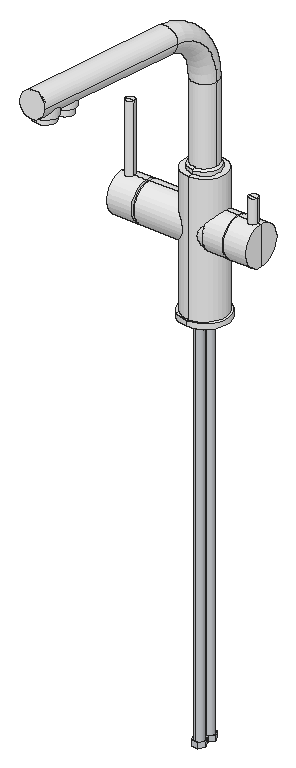
Revit family "SinkMixer-Countertop-SplitDualFlow-Vitra-MasterlineSeries-A42144", category Plumbing Fixtures, host Face, Revit 2017
Family settings
  Host = Face
  Round Connector Dimension = Use Diameter
  Part Type = Normal
  OmniClass Number = 23.45.55.17
  OmniClass Title = Mixing Faucets
  Cut with Voids When Loaded = No
  Shared = Yes
  Room Calculation Point = No
Parameters (values of type "SinkMixer-Countertop-SplitDualFlow-Vitra-MasterlineSeries-A42144")
  Youtube = "https://www.youtube.com/user/VitrAglobal"
  Weight Net (kg) = "2.95"
  Waste Connection = no
  Warranty Period (Year) = "10 Years"
  Vent Connection = no
  Uniformat II Description = "Plumbing Fixture"
  Uniformat II Code = "22 40 00"
  Uniclass 2015 Name = "Sink taps"
  Uniclass 2015 Code = "Pr_40_20_87_84"
  Uniclass 2.0 Description = "Kitchen Taps"
  Uniclass 2.0 Code = "Pr_40_30_96_47"
  Uniclass 1.4 Description = "Sink Mixer"
  Uniclass 1.4 Code = "L725111"
  URL = "https://vitraglobal.com/"
  UNSPSC Description = ""
  UNSPSC Code = ""
  Test Pressure = "16 bar"
  Technical description = "https://www.vitra.com.tr/pdf/A42144/"
  Tap hole Options (default) = ""
  Specification = ""
  Region South America = "All"
  Region Oceania = "All"
  Region North America = "All"
  Region Middle East = "All"
  Region Europe = "All"
  Region Asia = "All"
  Region Antarctica = "All"
  Region Africa = "All"
  Range of flow pressure = "1 - 5 bar"
  Range of Hot Water Supply = "5 - 65 °C"
  Product url = "https://www.vitra.com.tr/armaturler/eviye-bataryalari/masterline/split-dual-flow-sku-A42144/"
  Product manual = ""
  Product group = "Masterline Sink Mixer"
  Product family = "Masterline"
  Product data url = ""
  Product certification = "https://www.vitraglobal.com/brochures/"
  Product Type = "Sink Mixer"
  Product SKU = "A42144"
  Product Properties = "Water Saving"
  Product Guid = ""
  OmniClass Description = "Mixing Faucets"
  OmniClass Code = "23.45.55.17"
  Number Of Connections = "2"
  Nominal Width (mm) = 200 mm
  Nominal Height (mm) = 349 mm
  Nominal Depth (mm) = 285 mm
  NBS Referans Description = "Water supply fittings for sinks"
  NBS Referans Code = "45-35-70/345"
  Mounting type = "Countertop"
  Model = "A42144"
  Min. flow pressure of = "0.5 bar"
  Masterformat 2014 Description = "Plumbing Fixtures"
  Masterformat 2014 Code = "22 40 00"
  Manufacturer name = "Vitra"
  Manufacturer = "Vitra"
  Main Material = "Brass"
  Installation instructions = ""
  IFC Classification = "Sanitary Terminal"
  Hot Water temperature, factory set to = "38 °C"
  Hot Water Supply (max.) = "80 °C"
  Help = ""
  HW Connection = yes
  GTIP code = ""
  Flow Rate(L/min. - 3 bar) = ""
  Features = ""
  EAN code = ""
  Design country = "Turkey"
  Description = "Masterline Sink Mixer"
  Default Elevation = 850 mm
  Connection Diameter (mm) = 10 mm
  Color = "Chrome"
  Coating Material = Chrome
  Calculated flow = ""
  CW Connection = yes
  COBIe Type Category = ""
  Brand = "Artema"
  BIMobject category = "Sink Mixer"
  Article No. (default) = "A42144"
  Approvals = ""
  ApplicationType = ""
  Accessories (default) = ""
Types (3, lengths in mm): name | Technical description | Product url | Product SKU | Model | Connection Diameter (mm) | Brand | Article No. (default)
  SinkMixer-Countertop-SplitDualFlow-Vitra-MasterlineSeries-A42144 | "https://www.vitra.com.tr/pdf/A42144/" | "https://www.vitra.com.tr/armaturler/eviye-bataryalari/masterline/split-dual-flow-sku-A42144/" | "A42144" | "A42144" | 10 | "Artema" | "A42144"
  SinkMixer-Countertop-SplitDualFlow-Vitra-MasterlineSeries-A42144IND | "https://www.vitra-india.com/pdf/A42144IND/" | "https://www.vitra-india.com/taps-mixers/kitchen-brassware/masterline/split-dual-flow-sku-A42144IND/" | "A42144IND" | "A42144IND" | 15 | "VitrA" | "A42144IND"
  SinkMixer-Countertop-SplitDualFlow-Vitra-MasterlineSeries-A42144EXP | "https://vitraglobal.com/" | "https://vitraglobal.com/" | "A42144EXP" | "A42144EXP" | 10 | "VitrA" | "A42144EXP"
Reference planes
  plane 1 "Center (Front/Back)": y = 0
  plane 2: z = 0
  plane 3 "Center (Left/Right)": x = 0
  plane 4: z = 349
  plane 5: y = 27
  plane 6: y = -258
  plane 7: x = 66.8
  plane 8: x = -133.2
Forms (mm)
  Extrusion 1, solid
    sketch origin (75, 205, 160) x (0, -1, 0) y (1, 0, 0)
      loop
        circle (213.725, -74.46) r 5
    from -160 to -605
  Extrusion 2, solid
    sketch origin (75, 220.625, 160) x (0, -1, 0) y (1, 0, 0)
      loop
        circle (213.725, -74.46) r 5
    from -160 to -605
  Extrusion 3, solid
    sketch origin (75, 205, -445) x (1, 0, 0) y (0, -1, 0)
      loop
        line (-81.652, 213.664) -> (-78.054, 207.432) -> (-70.857, 207.432) -> (-67.259, 213.664) -> (-70.857, 219.896) -> (-78.054, 219.896) -> (-81.652, 213.664)
    from 0 to 6
  Extrusion 4, solid
    sketch origin (75, 220.625, -445) x (1, 0, 0) y (0, -1, 0)
      loop
        line (-81.652, 213.664) -> (-78.054, 207.432) -> (-70.857, 207.432) -> (-67.259, 213.664) -> (-70.857, 219.896) -> (-78.054, 219.896) -> (-81.652, 213.664)
    from 0 to 6
  Revolve 5, solid, material "Chrome" <- "Coating Material", detail levels fine
    sketch origin (0, 0, 0) x (0, -1, 0) y (0, 0, 1)
      loop
        line (0, 0) -> (27, 0) -> (27, 6) -> (24, 6) -> (24, 157) -> (17.25, 157) -> (17.25, 160.8) -> (14.814, 163.506) -> (0, 163.506) -> (0, 0)
      axis (0, 0) -> (0, 163.506)
    angle from 0 to 360
  Revolve 6, solid, material "Chrome" <- "Coating Material", detail levels fine
    sketch origin (0, 0, 0) x (-1, 0, 0) y (0, 0, 1)
      loop
        line (65, 97) -> (65, 119.512) -> (-15.293, 119.512) -> (-39.094, 119.512) -> (-39.094, 118.189) -> (-40.292, 118.189) -> (-40.292, 119.512) -> (-66.8, 119.512) -> (-66.8, 97) -> (65, 97)
      axis (-66.8, 97) -> (65, 97)
    angle from 0 to 360
  Revolve 7, solid, material "Chrome" <- "Coating Material", detail levels fine
    sketch origin (0, 0, 0) x (-1, 0, 0) y (0, 0, 1)
      loop
        line (88.5, 197.5) -> (88.5, 112.5) -> (93.625, 112.5) -> (93.625, 197.5) -> (88.5, 197.5)
      axis (88.5, 112.5) -> (88.5, 197.5)
    angle from 0 to 360
  Revolve 8, solid, material "Chrome" <- "Coating Material", detail levels fine
    sketch origin (145.9, 0, 0) x (-1, 0, 0) y (0, 0, 1)
      loop
        line (88.5, 145.535) -> (88.5, 112.5) -> (93.625, 112.5) -> (93.625, 145.535) -> (88.5, 145.535)
      axis (88.5, 112.5) -> (88.5, 145.535)
    angle from 0 to 360
  Revolve 9, solid, material "Chrome" <- "Coating Material", detail levels fine
    sketch origin (0, 0, 0) x (-1, 0, 0) y (0, 0, 1)
      loop
        line (68.5, 119.5) -> (68.5, 97) -> (97.498, 97) -> (97.498, 119.5) -> (68.5, 119.5)
      axis (68.5, 97) -> (97.498, 97)
    angle from 0 to 360
  Revolve 10, solid, material "Chrome" <- "Coating Material", detail levels fine
    sketch origin (0, 0, 0) x (-1, 0, 0) y (0, 0, 1)
      loop
        line (65, 97) -> (86, 97)
        arc (86, 97) -> (79.849, 111.849) -> (65, 118) r 21
        line (65, 118) -> (65, 97)
      axis (65, 97) -> (86, 97)
    angle from 0 to 360
  Sweep 11, solid, material "Chrome" <- "Coating Material", detail levels fine
    path origin (0, 0, 0) x (0, -1, 0) y (0, 0, 1)
      loop
        line (0, 163.506) -> (0, 252.878)
        arc (0, 252.878) -> (17.077, 296.792) -> (59.335, 317.631) r 65
        line (59.335, 317.631) -> (254.2, 334.679)
    profile origin (0, 0, 208.192) x (0, 1, 0) y (-1, 0, 0)
      loop
        circle (0, 0) r 14.814
  Revolve 12, solid, material "Chrome" <- "Coating Material", detail levels fine
    sketch origin (0, 0, 0) x (0, -1, 0) y (0, 0, 1)
      loop
        line (207.41, 306.38) -> (217.301, 307.246) -> (216.611, 315.129) -> (218.703, 315.312) -> (217.366, 330.587) -> (205.384, 329.539) -> (207.41, 306.38)
      axis (207.41, 306.38) -> (205.384, 329.539)
    angle from 0 to 360
  Revolve 13, solid, material "Chrome" <- "Coating Material", detail levels fine
    sketch origin (0, 0, 0) x (0, -1, 0) y (0, 0, 1)
      loop
        line (236.947, 311.588) -> (248.901, 312.634) -> (248.378, 318.611) -> (250.371, 318.785) -> (249.019, 334.23) -> (235.073, 333.01) -> (236.947, 311.588)
      axis (235.073, 333.01) -> (236.947, 311.588)
    angle from 0 to 360
  Extrusion 14, solid, detail levels coarse
    sketch origin (0, 0, 0) x (1, 0, 0) y (0, 1, 0)
      loop
        line (66.8, 27) -> (-133.2, 27) -> (-133.2, -258) -> (66.8, -258) -> (66.8, 27)
    from 0 to 349
  Extrusion 15, solid, detail levels medium
    sketch origin (0, 0, 0) x (1, 0, 0) y (0, 1, 0)
      loop
        circle (0, 0) r 27
    from 0 to 157
  Extrusion 16, solid, detail levels medium
    sketch origin (0, 0, 0) x (0, 1, 0) y (0, 0, 1)
      loop
        circle (0, 96.94) r 22.528
    from -97.498 to 66.8
  Sweep 17, solid, detail levels medium
    path origin (0, 0, 0) x (0, 1, 0) y (0, 0, 1)
      loop
        line (0, 157) -> (0, 248.297)
        arc (0, 248.297) -> (-18.391, 295.588) -> (-63.899, 318.03) r 70
        line (-63.899, 318.03) -> (-254.2, 334.679)
    profile origin (0, 0, 202.648) x (0, -1, 0) y (1, 0, 0)
      loop
        circle (0, 0) r 14.814
  Extrusion 18, solid, detail levels medium
    sketch origin (0, 0, 0) x (1, 0, 0) y (0, 1, 0)
      loop
        circle (57.238, 0) r 5.238
    from 95.316 to 145.535
  Extrusion 19, solid, detail levels medium
    sketch origin (-146.425, 0, 0) x (1, 0, 0) y (0, 1, 0)
      loop
        circle (57.238, 0) r 5.238
    from 95.316 to 197.5
Cuts and joins
  joined: Revolve 5, Revolve 6, Revolve 7, Revolve 8, Revolve 9, Revolve 10, Sweep 11, Revolve 12, Revolve 13
Dimensions and locks
  "Nominal Height (mm)": plane 4 to host face
  "Nominal Width (mm)": plane 8 to plane 7
  "Nominal Depth (mm)": plane 5 to plane 6
  aligned and locked: plane 2 to host face
  aligned and locked: level to host face
Automatic sketch dimensions
  host sketch curve to host sketch curve = 2438.4 mm  (x2)
  plane 3 "Center (Left/Right)" to Extrusion 1 sketch curve = 0.54 mm
  plane 1 "Center (Front/Back)" to Extrusion 1 sketch curve = 8.725 mm
  plane 3 "Center (Left/Right)" to Extrusion 2 sketch curve = 0.54 mm
  Extrusion 2 sketch curve to plane 1 "Center (Front/Back)" = 6.9 mm
  Extrusion 3 sketch curve to Extrusion 3 sketch curve = 3.598 mm  (x3)
  Extrusion 3 sketch curve to Extrusion 3 sketch curve = 7.196 mm  (x2)
  Extrusion 3 sketch curve to Extrusion 3 sketch curve = 6.232 mm  (x3)
  Extrusion 4 sketch curve to Extrusion 4 sketch curve = 3.598 mm  (x3)
  Extrusion 4 sketch curve to Extrusion 4 sketch curve = 7.196 mm  (x2)
  Extrusion 4 sketch curve to Extrusion 4 sketch curve = 6.232 mm  (x3)
  Revolve 5 sketch curve to level = 0 mm
  Revolve 5 sketch curve to plane 1 "Center (Front/Back)" = 0 mm  (x2)
  Revolve 5 sketch curve to Revolve 5 sketch curve = 14.814 mm
  Revolve 5 sketch curve to Revolve 5 sketch curve = 2.436 mm
  Revolve 5 sketch curve to Revolve 5 sketch curve = 6.75 mm
  Revolve 5 sketch curve to Revolve 5 sketch curve = 3 mm
  level to Revolve 5 sketch curve = 6 mm
  Revolve 5 sketch curve to Revolve 5 sketch curve = 151 mm
  Revolve 5 sketch curve to Revolve 5 sketch curve = 3.8 mm
  Revolve 5 sketch curve to Revolve 5 sketch curve = 2.706 mm
  Revolve 5 sketch curve to Revolve 5 sketch curve = 35 mm
  Revolve 5 sketch curve to Revolve 5 sketch curve = 25 mm
  plane 7 to Revolve 6 sketch curve = 0 mm
  Revolve 6 sketch curve to Revolve 6 sketch curve = 26.508 mm
  Revolve 6 sketch curve to Revolve 6 sketch curve = 1.199 mm
  plane 3 "Center (Left/Right)" to Revolve 6 sketch curve = 15.293 mm
  Revolve 6 sketch curve to plane 3 "Center (Left/Right)" = 65 mm
  level to Revolve 6 sketch curve = 97 mm
  Revolve 6 sketch curve to Revolve 6 sketch curve = 21.189 mm
  Revolve 6 sketch curve to Revolve 6 sketch curve = 1.323 mm
  Revolve 6 sketch curve to Revolve 6 sketch curve = 0 mm
  plane 3 "Center (Left/Right)" to Revolve 6 sketch curve = 16.8 mm
  Revolve 6 sketch curve to plane 3 "Center (Left/Right)" = 13.2 mm
  Revolve 6 sketch curve to Revolve 6 sketch curve = 22.512 mm
  Revolve 7 sketch curve to plane 8 = 44.7 mm
  Revolve 7 sketch curve to Revolve 7 sketch curve = 5.125 mm
  level to Revolve 7 sketch curve = 112.5 mm
  Revolve 7 sketch curve to Revolve 7 sketch curve = 85 mm
  Revolve 7 sketch curve to Revolve 7 sketch curve = 0 mm
  Revolve 7 sketch curve to Revolve 7 sketch curve = 42.5 mm
  Revolve 7 sketch curve to Revolve 7 sketch curve = 12.5 mm
  plane 7 to Revolve 8 sketch curve = 9.4 mm  (x2)
  Revolve 8 sketch curve to Revolve 8 sketch curve = 5.125 mm
  level to Revolve 8 sketch curve = 112.5 mm
  Revolve 8 sketch curve to Revolve 8 sketch curve = 33.035 mm
  Revolve 8 sketch curve to Revolve 8 sketch curve = 9.465 mm
  Revolve 8 sketch curve to Revolve 8 sketch curve = 30 mm
  Revolve 9 sketch curve to plane 8 = 64.7 mm
  Revolve 9 sketch curve to Revolve 9 sketch curve = 28.998 mm
  level to Revolve 9 sketch curve = 97 mm
  Revolve 9 sketch curve to Revolve 9 sketch curve = 22.5 mm
  Revolve 9 sketch curve to Revolve 9 sketch curve = 12.81 mm
  Revolve 9 sketch curve to Revolve 9 sketch curve = 6.188 mm
  Revolve 9 sketch curve to Revolve 9 sketch curve = 0 mm
  Revolve 10 sketch curve to plane 3 "Center (Left/Right)" = 65 mm
  Revolve 10 sketch curve to Revolve 10 sketch curve = 21 mm
  level to Revolve 10 sketch curve = 97 mm
  Revolve 10 sketch curve to Revolve 10 sketch curve = 7.964 mm
  Revolve 10 sketch curve to Revolve 10 sketch curve = 5 mm
  Revolve 10 sketch curve to Revolve 10 sketch curve = 0 mm
  Sweep 11 sketch curve to plane 1 "Center (Front/Back)" = 0 mm
  Sweep 11 sketch curve to plane 4 = 31.369 mm
  plane 1 "Center (Front/Back)" to Sweep 11 sketch curve = 59.335 mm
  Sweep 11 sketch curve to Sweep 11 sketch curve = 65 mm
  plane 6 to Sweep 11 sketch curve = 3.8 mm
  Sweep 11 sketch curve to Sweep 11 sketch curve = 89.372 mm
  Sweep 11 sketch curve to plane 4 = 14.321 mm
  profile plane to Sweep 11 sketch curve = 0 mm
  Sweep 11 sketch curve to profile plane = 0 mm
  Revolve 12 sketch curve to plane 4 = 19.461 mm
  plane 6 to Revolve 12 sketch curve = 52.616 mm
  Revolve 12 sketch curve to Revolve 12 sketch curve = 2.026 mm
  Revolve 12 sketch curve to Revolve 12 sketch curve = 9.201 mm
  Revolve 12 sketch curve to Revolve 12 sketch curve = 0.69 mm
  Revolve 12 sketch curve to plane 4 = 18.413 mm
  Revolve 12 sketch curve to Revolve 12 sketch curve = 11.983 mm
  Revolve 12 sketch curve to Revolve 12 sketch curve = 0.719 mm
  Revolve 12 sketch curve to Revolve 12 sketch curve = 0.436 mm
  Revolve 12 sketch curve to Revolve 12 sketch curve = 4.981 mm
  Revolve 12 sketch curve to Revolve 12 sketch curve = 8.216 mm
  plane 6 to Revolve 13 sketch curve = 22.927 mm
  plane 6 to Revolve 13 sketch curve = 21.053 mm
  plane 6 to Revolve 13 sketch curve = 9.622 mm
  Revolve 13 sketch curve to Revolve 13 sketch curve = 0.523 mm
  plane 6 to Revolve 13 sketch curve = 8.981 mm
  Revolve 13 sketch curve to plane 4 = 37.412 mm
  Revolve 13 sketch curve to Revolve 13 sketch curve = 1.046 mm
  Revolve 13 sketch curve to Revolve 13 sketch curve = 0.695 mm
  Revolve 13 sketch curve to Revolve 13 sketch curve = 0.259 mm
  Revolve 13 sketch curve to Revolve 13 sketch curve = 4.981 mm
  Revolve 13 sketch curve to Revolve 13 sketch curve = 2.958 mm
  Extrusion 14 sketch curve to plane 5 = 0 mm
  Extrusion 14 sketch curve to plane 8 = 0 mm
  Extrusion 14 sketch curve to plane 6 = 0 mm
  Extrusion 14 sketch curve to plane 7 = 0 mm
  plane 1 "Center (Front/Back)" to Extrusion 15 sketch curve = 0 mm
  Extrusion 15 sketch curve to plane 3 "Center (Left/Right)" = 0 mm
  Extrusion 16 sketch curve to plane 1 "Center (Front/Back)" = 0 mm
  level to Extrusion 16 sketch curve = 96.94 mm
  Sweep 17 sketch curve to plane 1 "Center (Front/Back)" = 0 mm
  Sweep 17 sketch curve to plane 4 = 30.97 mm
  plane 1 "Center (Front/Back)" to Sweep 17 sketch curve = 63.899 mm
  Sweep 17 sketch curve to Sweep 17 sketch curve = 6.101 mm
  plane 6 to Sweep 17 sketch curve = 3.8 mm
  Sweep 17 sketch curve to Sweep 17 sketch curve = 91.297 mm
  Sweep 17 sketch curve to plane 4 = 14.321 mm
  Sweep 17 sketch curve to plane 3 "Center (Left/Right)" = 0 mm
  Sweep 17 sketch curve to profile plane = 0 mm
  plane 1 "Center (Front/Back)" to Extrusion 18 sketch curve = 0 mm
  plane 7 to Extrusion 18 sketch curve = 9.562 mm
  plane 1 "Center (Front/Back)" to Extrusion 19 sketch curve = 0 mm
  Extrusion 19 sketch curve to plane 8 = 44.013 mm
  radius of Extrusion 1 sketch curve = 5 mm
  radius of Extrusion 2 sketch curve = 5 mm
  radius of Sweep 11 sketch curve = 14.814 mm
  radius of Extrusion 15 sketch curve = 27 mm
  radius of Extrusion 16 sketch curve = 22.528 mm
  radius of Sweep 17 sketch curve = 14.814 mm
  radius of Extrusion 18 sketch curve = 5.238 mm
  radius of Extrusion 19 sketch curve = 5.238 mm
Connectors
  piping at (0.545, -8.664, -451), diameter 10, driven by "Connection Diameter (mm)", driven by "CW Connection"
    settings: on Extrusion 3, index 1, connector inside diameter 609.6 mm, connector length 0 mm, flow factor 0, pipe flow 0.0 L/s, pressure drop 0.0 Pa, fitting loss kfactor 0, connector angle 0.00°, fixture units 0, engagement length 0 mm, angle of deflection 0.00°, flow configuration 0, flow direction 1, fitting loss method 0, system type 20, joint type 0, gender type 0, connector reference index -1, connector utility 1, adjustable connector no, is connector primary yes, connector description ""
  piping at (0.545, 6.961, -451), diameter 10, driven by "Connection Diameter (mm)", driven by "HW Connection"
    settings: on Extrusion 4, index 2, connector inside diameter 609.6 mm, connector length 0 mm, flow factor 0, pipe flow 0.0 L/s, pressure drop 0.0 Pa, fitting loss kfactor 0, connector angle 0.00°, fixture units 0, engagement length 0 mm, angle of deflection 0.00°, flow configuration 0, flow direction 1, fitting loss method 0, system type 19, joint type 0, gender type 0, connector reference index -1, connector utility 1, adjustable connector no, is connector primary no, connector description ""
